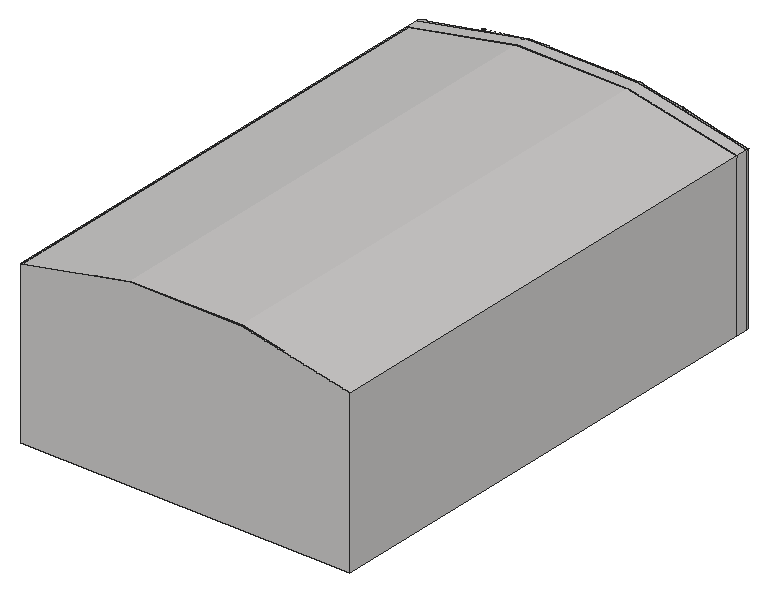
Revit family "RBA BIM - B277", category Specialty Equipment, host Face, Revit 2013
Parameters (values of type "B-277")
  URL = "www.rba.com.au"
  Type Comments = "Satin Finish"
  Product Page URL = ""
  Product Name = "Surface-Mounted Waste Receptacle"
  Model = "B-277 ConturaSeries"
  Manufacturer = "RBA Group"
  Finish Material = Stainless Steel - Bobrick - Satin
  Default Elevation = 0.6096 m
  Assembly Code = "C1030200"
  ADA Compliant = yes
Reference planes (m)
  plane 1 "Center (Front/Back)": y = 0
  plane 2: z = 0
  plane 3 "Center (Left/Right)": x = 0
  plane 4 "Top": y = 0.2921
  plane 5 "Right": x = 0.192087
  plane 6 "Left": x = -0.192087
  plane 7: y = -0.2921
  plane 8: z = 0.2159
  plane 9: z = 0.187325
  plane 10: y = 0.271462
  plane 11: y = -0.290513
Forms (m)
  Extrusion 1, solid, material "Stainless Steel - Bobrick - Satin" <- "Finish Material"
    sketch origin (0, 0, 0) x (1, 0, 0) y (0, 0, 1)
      loop
        line (-0.192087, 0.187325) -> (-0.186561, 0.187325)
        arc (-0.186561, 0.187325) -> (0, 0.214313) -> (0.186561, 0.187325) r 0.658327
        line (0.186561, 0.187325) -> (0.192087, 0.187325)
        arc (0.192087, 0.187325) -> (0, 0.2159) -> (-0.192087, 0.187325) r 0.659915
    from -0.271463 to 0.2921
  Extrusion 2, solid, material "Stainless Steel - Bobrick - Satin" <- "Finish Material"
    sketch origin (0, 0, 0) x (1, 0, 0) y (0, 0, 1)
      loop
        line (-0.192087, 0.187325) -> (-0.192087, 0) -> (0.192087, 0) -> (0.192087, 0.187325) -> (0.1905, 0.187325) -> (0.1905, 0.001587) -> (-0.1905, 0.001587) -> (-0.1905, 0.187325) -> (-0.192087, 0.187325)
    from -0.271463 to 0.2921
  Sweep 3, solid, material "Stainless Steel - Bobrick - Satin" <- "Finish Material"
    path origin (0, 0, 0) x (1, 0, 0) y (0, 0, 1)
      loop
        line (-0.192087, 0.187325) -> (-0.192087, 0) -> (0.192087, 0) -> (0.192087, 0.187325)
        arc (0.192087, 0.187325) -> (0, 0.2159) -> (-0.192087, 0.187325) r 0.659915
    profile origin (0, 0, 0) x (0, 0, 1) y (0, -1, 0)
      loop
        line (0, -0.271463) -> (0, -0.28575)
        arc (0, -0.28575) -> (0.00186, -0.29024) -> (0.00635, -0.2921) r 0.00635
        line (0.00635, -0.2921) -> (0.007919, -0.2921) -> (0.007919, -0.271463) -> (0, -0.271463)
  Extrusion 4, solid, material "Stainless Steel - Bobrick - Satin" <- "Finish Material"
    sketch origin (0, 0, 0) x (1, 0, 0) y (0, 0, 1)
      loop
        line (-0.184169, 0.007919) -> (0.184169, 0.007919) -> (0.184169, 0.18143)
        arc (0.184169, 0.18143) -> (0, 0.207981) -> (-0.184169, 0.18143) r 0.651996
        line (-0.184169, 0.18143) -> (-0.184169, 0.007919)
    from -0.2921 to -0.271463
  Extrusion 5, solid, material "Stainless Steel - Bobrick - Satin" <- "Finish Material"
    sketch origin (0, 0, 0) x (1, 0, 0) y (0, 0, 1)
      loop
        line (-0.192088, 0.187325) -> (-0.192088, 0) -> (0.192088, 0) -> (0.192088, 0.187325)
        arc (0.192088, 0.187325) -> (0, 0.2159) -> (-0.192088, 0.187325) r 0.659915
    from 0.290512 to 0.2921
Cuts and joins
  joined: Sweep 3, Extrusion 4
  joined: Extrusion 2, Extrusion 5
Lines and regions (m)
  Masking region 1
    outline origin (0, 0, 0) x (1, 0, 0) y (0, 1, 0)
      loop
        line (-0.192087, -0.2921) -> (0.192087, -0.2921) -> (0.192087, 0.28575)
        arc (0.192087, 0.28575) -> (0.190228, 0.29024) -> (0.185737, 0.2921) r 0.00635
        line (0.185737, 0.2921) -> (-0.185737, 0.2921)
        arc (-0.185737, 0.2921) -> (-0.190228, 0.29024) -> (-0.192087, 0.28575) r 0.00635
        line (-0.192087, 0.28575) -> (-0.192087, -0.2921)
  Masking region 2
    outline origin (0, 0, 0) x (0, 1, 0) y (0, 0, 1)
      loop
        line (-0.2921, 0) -> (0.2921, 0) -> (0.2921, 0.20955)
        arc (0.2921, 0.20955) -> (0.29024, 0.21404) -> (0.28575, 0.2159) r 0.00635
        line (0.28575, 0.2159) -> (-0.2921, 0.2159) -> (-0.2921, 0)
  symbolic lines, style "Restroom Accesories"
    curve 1: line (-0.192087, 0.271462, 0) -> (0.192087, 0.271462, 0)
    curve 2: line (0, 0.271462, 0) -> (0, 0.271462, 0.2159)
Dimensions and locks (m)
  equal spacing: plane 6 "Left", plane 3 "Center (Left/Right)", plane 5 "Right"
  locked: plane 6 "Left" to plane 5 "Right" at 0.384175
  equal spacing: plane 4 "Top", plane 1 "Center (Front/Back)", plane 7
  locked: plane 4 "Top" to plane 7 at 0.5842
  locked: plane 8 to host face at 0.2159
  locked: plane 9 to host face at 0.187325
  locked: plane 4 "Top" to plane 10 at 0.020638
  locked: Extrusion 2 sketch curve to Extrusion 2 sketch curve at 0.001588  (x2)
  locked: Extrusion 2 sketch curve to host face at 0.001588
  locked: plane 11 to plane 7 at 0.001588
  aligned and locked: host face to plane 2
  aligned and locked: level to host face
  aligned and locked: plane 6 "Left" to Extrusion 1 sketch curve
  aligned and locked: plane 5 "Right" to Extrusion 1 sketch curve
  aligned and locked: plane 10 to Extrusion 1
  aligned and locked: Extrusion 1 to plane 7
  aligned and locked: plane 6 "Left" to Extrusion 2 sketch curve
  aligned and locked: Extrusion 2 sketch curve to plane 2
  aligned and locked: plane 5 "Right" to Extrusion 2 sketch curve
  aligned and locked: Extrusion 2 sketch curve to plane 9
  aligned and locked: Extrusion 2 to plane 7
  aligned and locked: Extrusion 2 to Extrusion 1
  aligned and locked: plane 6 "Left" to Sweep 3 sketch curve
  aligned and locked: Sweep 3 sketch curve to host face
  aligned and locked: plane 5 "Right" to Sweep 3 sketch curve
  aligned and locked: Extrusion 2 to Sweep 3 sketch curve
  aligned and locked: Sweep 3 sketch curve to Extrusion 2
  aligned and locked: plane 4 "Top" to Sweep 3 sketch curve
  aligned and locked: Extrusion 4 sketch curve to Sweep 3  (x4)
  aligned and locked: plane 4 "Top" to Extrusion 4
  aligned and locked: Extrusion 4 to Extrusion 1
  aligned and locked: Extrusion 5 sketch curve to cut or joined group of Sweep 3, Extrusion 4  (x4)
  aligned and locked: Extrusion 5 to plane 7
  aligned and locked: plane 11 to Extrusion 5
  aligned and locked: Masking region 1 sketch curve to Extrusion 1  (x2)
  aligned and locked: plane 4 "Top" to Masking region 1 sketch curve
  aligned and locked: plane 5 "Right" to Masking region 1 sketch curve
  aligned and locked: curve 1 to Extrusion 1
  aligned and locked: Masking region 2 sketch curve to cut or joined group of Extrusion 2, Extrusion 5  (x2)
  aligned and locked: plane 8 to Masking region 2 sketch curve
  aligned and locked: plane 4 "Top" to Masking region 2 sketch curve
  aligned and locked: cut or joined group of Extrusion 2, Extrusion 5 to plane 10
Automatic sketch dimensions
  host sketch curve to host sketch curve = 2.4384 m  (x2)
  Extrusion 1 sketch curve to Extrusion 1 sketch curve = 0.000 m  (x2)
  Extrusion 1 sketch curve to plane 9 = 0.000 m
  plane 3 "Center (Left/Right)" to Extrusion 1 sketch curve = 0.000 m
  Extrusion 1 sketch curve to Extrusion 1 sketch curve = 0.005527 m
  Extrusion 1 sketch curve to level = 0.444015 m
  Extrusion 2 sketch curve to plane 9 = 0.000 m
  plane 3 "Center (Left/Right)" to Sweep 3 sketch curve = 0.000 m
  Sweep 3 sketch curve to plane 9 = 0.000 m
  Sweep 3 sketch curve to Sweep 3 sketch curve = 0.444015 m
  Sweep 3 sketch curve to Sweep 3 sketch curve = 0.00635 m
  Sweep 3 sketch curve to Sweep 3 sketch curve = 0.001569 m
  Masking region 1 sketch curve to plane 6 "Left" = 0.00635 m
  Masking region 1 sketch curve to plane 5 "Right" = 0.00635 m
  curve 1 to plane 6 "Left" = 0.000 m
  curve 1 to plane 5 "Right" = 0.000 m
  plane 10 to Masking region 2 sketch curve = 0.014288 m
  curve 2 to plane 8 = 0.000 m
  curve 2 to plane 10 = 0.000 m
  curve 2 to level = 0.000 m
